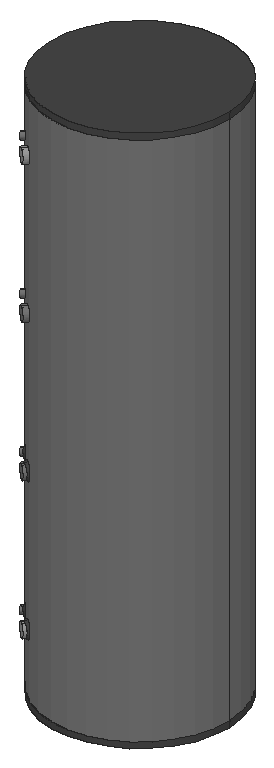
Revit family "EVAN WBI Теплоаккумулятор буферный бак 300-2000 л - 1", category Оборудование, Revit 2019
Family settings
  Размер круглого соединителя = Использовать диаметр
  Классификация = Нет
  Тип детали = Нормальный
  На основе рабочей плоскости = Нет
  Всегда вертикально = Да
  При загрузке вырезать с полостями = Нет
  Общий = Нет
  Точка расчета площади = Нет
Parameters (values of type "Теплоаккумулятор / буферный бак EVAN WBI 300")
  ТЭН [instance] = ТЭН : нет
  Серый = Серый
  Стекло = Стекло
  Пластмасса_черная = Пластмасса_черная
  Пластик_синий = Пластик_синий
  Пластик_красный = Пластик_красный
  Пластик прозрачный = Пластик_прозрачный
  Материал корпуса = "Конструкционная сталь"  # constant formula
  Диаметр2 = D / 2 - 6 mm  # 289 mm
  Диаметр1 = D / 2 - 6 mm  # 289 mm
  Высота 1 = 20 mm
  Объем, л = "300"
  База = "Бойлер косвенного нагрева напольный"
  URL = "https://www.evan.ru/products/boylery_kosvennogo_nagreva/evan-wbt/"
  N4 = 40 mm  # constant formula
  N2 = 16 mm  # constant formula
  H7 = 864 mm
  H5 = 1613 mm
  H4 [instance] = 1148 mm
  H3 = 683 mm
  H [instance] = 1810 mm
  H2 [instance] = 218 mm
  H1 [instance] = 135 mm
  G2int = 24.1 mm
  G2ext = N2 + 6 mm  # 22 mm
  G1int = 30.3 mm
  G1ext = N1 + 6 mm  # 46 mm
  Dкороба = 20 mm
  D = 590 mm
  N3 = 32 mm  # constant formula
  N1 = 40 mm  # constant formula
  D2_colp = G2ext * 1.05  # 23.1 mm
  ADSK_Примечание [instance] = ""
  ADSK_Полная мощность = 0 kW  # constant formula
  ADSK_Позиция [instance] = ""
  ADSK_Номинальная мощность = 0 W
  ADSK_Напряжение = 0 V
  ADSK_Наименование [instance] = "Теплоаккумулятор / буферный бак EVAN WBI 300"
  ADSK_Материал = Конструкционная сталь
  ADSK_Масса_Текст [instance] = ""
  ADSK_Марка [instance] = ""
  ADSK_Коэффициент мощности = 1
  ADSK_Комплект = ""
  ADSK_Количество фаз = 1
  ADSK_Код изделия [instance] = ""
  ADSK_Классификация нагрузок = Прочее
  ADSK_Завод-изготовитель [instance] = "ООО \"ЭВАН\""
  ADSK_Единица измерения [instance] = "шт."  # constant formula
Types (7, lengths in mm): name | Диаметр2 | Диаметр1 | Объем, л | H5 | H4 | H3 | H | H2 | H1 | D | ADSK_Наименование
  Теплоаккумулятор / буферный бак EVAN WBI 300 | 289 | 289 | "300" | 1613 | 1148 | 683 | 1810 | 218 | 135 | 590 | "Теплоаккумулятор / буферный бак EVAN WBI 300"
  Теплоаккумулятор / буферный бак EVAN WBI 400 | 369 | 369 | "400" | 1148 | 848 | 548 | 1370 | 248 | 163 | 750 | "Теплоаккумулятор / буферный бак EVAN WBI 400"
  Теплоаккумулятор / буферный бак EVAN WBI 500 | 369 | 369 | "500" | 1499 | 1082 | 666 | 1720 | 249 | 164 | 750 | "Теплоаккумулятор / буферный бак EVAN WBI 500"
  Теплоаккумулятор / буферный бак EVAN WBI 800 | 469 | 469 | "800" | 1345 | 1045 | 595 | 1623 | 295 | 210 | 950 | "Теплоаккумулятор / буферный бак EVAN WBI 800"
  Теплоаккумулятор / буферный бак EVAN WBI 1000 | 469 | 469 | "1000" | 1696 | 1230 | 763 | 1971 | 297 | 207 | 950 | "Теплоаккумулятор / буферный бак EVAN WBI 1000"
  Теплоаккумулятор / буферный бак EVAN WBI 1500 | 554 | 554 | "1500" | 1953 | 1403 | 853 | 2225 | 303 | 213 | 1120 | "Теплоаккумулятор / буферный бак EVAN WBI 1500"
  Теплоаккумулятор / буферный бак EVAN WBI 2000 | 594 | 594 | "2000" | 1965 | 1415 | 865 | 2242 | 315 | 225 | 1200 | "Теплоаккумулятор / буферный бак EVAN WBI 2000"
Reference planes
  plane 1 "По центру (Вперед/Назад)": y = 0
  plane 2: z = -3
  plane 3 "По центру (Влево/Вправо)": x = 0
  plane 4: z = -3
  plane 5: z = 1787
  plane 6: z = 132
  plane 7: z = 215
  plane 8: z = 680
  plane 9: z = 17
  plane 10: x = -291
  plane 11: y = 295
  plane 12: y = -295
  plane 13: x = -115
  plane 14: x = 115
  plane 15: y = 154
  plane 16: x = -289
  plane 17: x = -311
  plane 18: y = -255.5
  plane 19: y = -297
  plane 20: y = -260.5
  plane 21: x = -301
  plane 22: y = -287
  plane 23: y = -270.5
  plane 24: y = -345
  plane 25: z = 1145
  plane 26: z = 1610
  plane 27: z = 902
  plane 28: z = 1610
  plane 29: z = 215
  plane 30: z = 734
  plane 31: z = 1807
  plane 32: x = 289
  plane 33: through (-1012.249, 1175.267, 1051.556) normal (-0.866, -0.5, 0)
  plane 34: through (981.686, -1200.995, 1051.556) normal (0.6428, 0.766, 0)
  plane 35: through (981.686, 1200.995, 1051.556) normal (-0.6428, 0.766, 0)
  plane 36: through (-763.107, 1321.74, 1051.556) normal (-0.866, -0.5, 0)
  plane 37: through (1167.452, 979.608, 1051.556) normal (-0.6428, 0.766, 0)
  plane 38: through (1167.452, -979.608, 1051.556) normal (0.6428, 0.766, 0)
Forms (mm)
  Extrusion 1, solid, material "Пластмасса_черная" <- "Пластмасса_черная", detail levels medium+fine
    sketch origin (0, 0, -3) x (1, 0, 0) y (0, 1, 0)
      loop
        circle (0, 0) r 295
    from 0 to 20
  Extrusion 2, solid, material "Серый" <- "Серый", detail levels medium+fine
    sketch origin (0, 0, -3) x (1, 0, 0) y (0, 1, 0)
      loop
        circle (0, 0) r 295
    from 20 to 1790
  Extrusion 3, solid, material "Пластик_синий" <- "Пластик_синий", detail levels medium+fine
    sketch origin (0, 0, 0) x (0, 1, 0) y (0, 0, 1)
      loop
        circle (0, 132) r 23
    from -311 to -289
  Extrusion 4, solid, material "Пластмасса_черная" <- "Пластмасса_черная", detail levels medium+fine
    sketch origin (0, 0, 87.5) x (0, 1, 0) y (0, 0, 1)
      loop
        circle (0, 127.5) r 23
    from -311 to -289
  Blend 5, solid, material "Пластмасса_черная" <- "Пластмасса_черная", detail levels medium+fine
    base sketch origin (0, 49.406, -351.545) x (0, 1, 0) y (0, 0, 1)
      loop
        circle (-49.406, 566.545) r 30
    top sketch origin (0, 49.406, -351.545) x (0, 1, 0) y (0, 0, 1)
      loop
        circle (-49.406, 566.545) r 23
    from -289 to -301
  Blend 6, solid, material "Пластмасса_черная" <- "Пластмасса_черная", not visible, detail levels medium+fine
    base sketch origin (0, 0, 0) x (0, 1, 0) y (0, 0, 1)
      loop
        circle (0, 132) r 23
    top sketch origin (0, 0, 0) x (0, 1, 0) y (0, 0, 1)
      loop
        circle (0, 132) r 30
    from -301 to -289
  Extrusion 7, solid, material "Пластмасса_черная" <- "Пластмасса_черная", not visible, detail levels medium+fine
    sketch origin (0, 0, 0) x (1, 0, 0) y (0, 1, 0)
      loop
        circle (192.2, 0) r 4
    from 0 to 20
  Extrusion 8, solid, material "Пластмасса_черная" <- "Пластмасса_черная", not visible, detail levels medium+fine
    sketch origin (0, 0, 0) x (1, 0, 0) y (0, 1, 0)
      loop
        circle (192.2, 0) r 12
    from 0 to 6
  Extrusion 9, solid, material "Пластмасса_черная" <- "Пластмасса_черная", detail levels medium+fine
    sketch origin (-94.291, -1524, 1807) x (-1, 0, 0) y (0, -1, 0)
      loop
        circle (-94.291, -1524) r 295
    from 0 to -20
  Extrusion 10, solid, material "Серый" <- "Серый", detail levels medium+fine
    sketch origin (-1012.249, 1175.267, 1051.556) x (0, 0, 1) y (0.5, -0.866025, 0)
      loop
        circle (-836.556, 1524) r 11
    from -20 to 0
  Extrusion 11, solid, material "Серый" <- "Серый", detail levels medium+fine
    sketch origin (-1012.249, 1175.267, 1051.556) x (0, 0, 1) y (0.5, -0.866025, 0)
      loop
        circle (-371.556, 1524) r 11
    from -20 to 0
  Blend 12, solid, material "Пластмасса_черная" <- "Пластмасса_черная", detail levels medium+fine
    base sketch origin (-1012.249, 1175.267, 1051.556) x (0, 0, 1) y (0.5, -0.866025, 0)
      loop
        circle (-371.556, 1524) r 30
    top sketch origin (-1012.249, 1175.267, 1051.556) x (0, 0, 1) y (0.5, -0.866025, 0)
      loop
        circle (-371.556, 1524) r 11
    from 0 to -12
  Blend 13, solid, material "Пластмасса_черная" <- "Пластмасса_черная", detail levels medium+fine
    base sketch origin (-1012.249, 1175.267, 1051.556) x (0, 0, 1) y (0.5, -0.866025, 0)
      loop
        circle (-836.556, 1524) r 30
    top sketch origin (-1012.249, 1175.267, 1051.556) x (0, 0, 1) y (0.5, -0.866025, 0)
      loop
        circle (-836.556, 1524) r 11
    from 0 to -12
  Extrusion 14, solid, material "Серый" <- "Серый", detail levels medium+fine
    sketch origin (-1012.249, 1175.267, 1051.556) x (0, 0, 1) y (0.5, -0.866025, 0)
      loop
        circle (93.444, 1524) r 11
    from -20 to 0
  Blend 15, solid, material "Пластмасса_черная" <- "Пластмасса_черная", not visible, detail levels medium+fine
    base sketch origin (-1012.249, 1175.267, 1051.556) x (0, 0, 1) y (0.5, -0.866025, 0)
      loop
        circle (93.444, 1524) r 30
    top sketch origin (-1012.249, 1175.267, 1051.556) x (0, 0, 1) y (0.5, -0.866025, 0)
      loop
        circle (93.444, 1524) r 11
    from 0 to -12
  Extrusion 16, solid, material "Серый" <- "Серый", detail levels medium+fine
    sketch origin (-1012.249, 1175.267, 1051.556) x (0, 0, 1) y (0.5, -0.866025, 0)
      loop
        circle (558.444, 1524) r 11
    from -20 to 0
  Blend 17, solid, material "Пластмасса_черная" <- "Пластмасса_черная", not visible, detail levels medium+fine
    base sketch origin (-1012.249, 1175.267, 1051.556) x (0, 0, 1) y (0.5, -0.866025, 0)
      loop
        circle (558.444, 1524) r 30
    top sketch origin (-1012.249, 1175.267, 1051.556) x (0, 0, 1) y (0.5, -0.866025, 0)
      loop
        circle (558.444, 1524) r 11
    from 0 to -12
  Extrusion 18, solid, material "Пластик_синий" <- "Пластик_синий", detail levels medium+fine
    sketch origin (981.686, -1200.995, 1051.556) x (0, 0, 1) y (0.766044, -0.642788, 0)
      loop
        circle (-836.556, -1524) r 23
    from -20 to 0
  Extrusion 19, solid, material "Серый" <- "Серый", detail levels medium+fine
    sketch origin (981.686, -1200.995, 1051.556) x (0, 0, 1) y (0.766044, -0.642788, 0)
      loop
        circle (-371.556, -1524) r 23
    from -20 to 0
  Blend 20, solid, material "Пластмасса_черная" <- "Пластмасса_черная", detail levels medium+fine
    base sketch origin (981.686, -1200.995, 1051.556) x (0, 0, 1) y (0.766044, -0.642788, 0)
      loop
        circle (-371.556, -1524) r 30
    top sketch origin (981.686, -1200.995, 1051.556) x (0, 0, 1) y (0.766044, -0.642788, 0)
      loop
        circle (-371.556, -1524) r 23
    from 0 to -12
  Blend 21, solid, material "Пластмасса_черная" <- "Пластмасса_черная", detail levels medium+fine
    base sketch origin (981.686, -1200.995, 1051.556) x (0, 0, 1) y (0.766044, -0.642788, 0)
      loop
        circle (-836.556, -1524) r 30
    top sketch origin (981.686, -1200.995, 1051.556) x (0, 0, 1) y (0.766044, -0.642788, 0)
      loop
        circle (-836.556, -1524) r 23
    from 0 to -12
  Extrusion 22, solid, material "Серый" <- "Серый", detail levels medium+fine
    sketch origin (981.686, -1200.995, 1051.556) x (0, 0, 1) y (0.766044, -0.642788, 0)
      loop
        circle (93.444, -1524) r 23
    from -20 to 0
  Blend 23, solid, material "Пластмасса_черная" <- "Пластмасса_черная", not visible, detail levels medium+fine
    base sketch origin (981.686, -1200.995, 1051.556) x (0, 0, 1) y (0.766044, -0.642788, 0)
      loop
        circle (93.444, -1524) r 30
    top sketch origin (981.686, -1200.995, 1051.556) x (0, 0, 1) y (0.766044, -0.642788, 0)
      loop
        circle (93.444, -1524) r 23
    from 0 to -12
  Extrusion 24, solid, material "Пластик_красный" <- "Пластик_красный", detail levels medium+fine
    sketch origin (981.686, -1200.995, 1051.556) x (0, 0, 1) y (0.766044, -0.642788, 0)
      loop
        circle (558.444, -1524) r 23
    from -20 to 0
  Blend 25, solid, material "Пластмасса_черная" <- "Пластмасса_черная", not visible, detail levels medium+fine
    base sketch origin (981.686, -1200.995, 1051.556) x (0, 0, 1) y (0.766044, -0.642788, 0)
      loop
        circle (558.444, -1524) r 30
    top sketch origin (981.686, -1200.995, 1051.556) x (0, 0, 1) y (0.766044, -0.642788, 0)
      loop
        circle (558.444, -1524) r 23
    from 0 to -12
  Extrusion 26, solid, material "Пластик_синий" <- "Пластик_синий", detail levels medium+fine
    sketch origin (981.686, 1200.995, 1051.556) x (0, 0, 1) y (-0.766044, -0.642788, 0)
      loop
        circle (-836.556, 1524) r 23
    from -20 to 0
  Extrusion 27, solid, material "Серый" <- "Серый", detail levels medium+fine
    sketch origin (981.686, 1200.995, 1051.556) x (0, 0, 1) y (-0.766044, -0.642788, 0)
      loop
        circle (-371.556, 1524) r 23
    from -20 to 0
  Blend 28, solid, material "Пластмасса_черная" <- "Пластмасса_черная", detail levels medium+fine
    base sketch origin (981.686, 1200.995, 1051.556) x (0, 0, 1) y (-0.766044, -0.642788, 0)
      loop
        circle (-371.556, 1524) r 30
    top sketch origin (981.686, 1200.995, 1051.556) x (0, 0, 1) y (-0.766044, -0.642788, 0)
      loop
        circle (-371.556, 1524) r 23
    from 0 to -12
  Blend 29, solid, material "Пластмасса_черная" <- "Пластмасса_черная", detail levels medium+fine
    base sketch origin (981.686, 1200.995, 1051.556) x (0, 0, 1) y (-0.766044, -0.642788, 0)
      loop
        circle (-836.556, 1524) r 30
    top sketch origin (981.686, 1200.995, 1051.556) x (0, 0, 1) y (-0.766044, -0.642788, 0)
      loop
        circle (-836.556, 1524) r 23
    from 0 to -12
  Extrusion 30, solid, material "Серый" <- "Серый", detail levels medium+fine
    sketch origin (981.686, 1200.995, 1051.556) x (0, 0, 1) y (-0.766044, -0.642788, 0)
      loop
        circle (93.444, 1524) r 23
    from -20 to 0
  Blend 31, solid, material "Пластмасса_черная" <- "Пластмасса_черная", not visible, detail levels medium+fine
    base sketch origin (981.686, 1200.995, 1051.556) x (0, 0, 1) y (-0.766044, -0.642788, 0)
      loop
        circle (93.444, 1524) r 30
    top sketch origin (981.686, 1200.995, 1051.556) x (0, 0, 1) y (-0.766044, -0.642788, 0)
      loop
        circle (93.444, 1524) r 23
    from 0 to -12
  Extrusion 32, solid, material "Пластик_красный" <- "Пластик_красный", detail levels medium+fine
    sketch origin (981.686, 1200.995, 1051.556) x (0, 0, 1) y (-0.766044, -0.642788, 0)
      loop
        circle (558.444, 1524) r 23
    from -20 to 0
  Blend 33, solid, material "Пластмасса_черная" <- "Пластмасса_черная", not visible, detail levels medium+fine
    base sketch origin (981.686, 1200.995, 1051.556) x (0, 0, 1) y (-0.766044, -0.642788, 0)
      loop
        circle (558.444, 1524) r 30
    top sketch origin (981.686, 1200.995, 1051.556) x (0, 0, 1) y (-0.766044, -0.642788, 0)
      loop
        circle (558.444, 1524) r 23
    from 0 to -12
  Extrusion 34, solid, material "Пластик_прозрачный" <- "Пластик прозрачный", detail levels medium+fine
    sketch origin (-289, 1524, 1051.556) x (0, 0, 1) y (0, -1, 0)
      loop
        circle (558.444, 1524) r 25
      loop
        line (638.23, 1471.5) -> (638.23, 1576.5) -> (593.23, 1576.5) -> (593.23, 1471.5) -> (638.23, 1471.5)
      loop
        line (626.777, 1509.168) -> (626.777, 1519.168)
        arc (626.777, 1519.168) -> (622.172, 1523.773) -> (617.567, 1519.168) r 4.605
        arc (617.567, 1519.168) -> (612.172, 1524.563) -> (606.777, 1519.168) r 5.395
        line (606.777, 1519.168) -> (606.777, 1509.168) -> (626.777, 1509.168)
      loop
        line (624.428, 1511.587) -> (624.428, 1518.071)
        arc (624.428, 1518.071) -> (621.573, 1520.926) -> (618.719, 1518.071) r 2.855
        line (618.719, 1518.071) -> (618.719, 1511.587) -> (624.428, 1511.587)
      loop
        line (616.07, 1511.587) -> (616.07, 1517.962)
        arc (616.07, 1517.962) -> (612.664, 1521.368) -> (609.259, 1517.962) r 3.406
        line (609.259, 1517.962) -> (609.259, 1511.587) -> (616.07, 1511.587)
      loop
        line (623.978, 1488.585) -> (622.177, 1490.386)
        arc (622.177, 1490.386) -> (623.897, 1497.728) -> (618.329, 1502.814) r 7.454
        line (618.329, 1502.814) -> (618.329, 1495.587) -> (616.07, 1495.587) -> (616.07, 1502.944)
        arc (616.07, 1502.944) -> (609.733, 1497.959) -> (611.639, 1490.124) r 7.454
        line (611.639, 1490.124) -> (609.838, 1488.323)
        arc (609.838, 1488.323) -> (616.592, 1505.522) -> (623.978, 1488.585) r 10
      loop
        line (606.777, 1525.421) -> (626.777, 1533.098) -> (626.777, 1535.485) -> (606.777, 1543.566) -> (606.777, 1540.784) -> (612.998, 1538.271) -> (612.998, 1530.532) -> (606.777, 1528.145) -> (606.777, 1525.421)
      loop
        line (615.518, 1531.5) -> (622.82, 1534.303) -> (615.518, 1537.253) -> (615.518, 1531.5)
      loop
        line (626.777, 1546.188) -> (626.777, 1548.648) -> (618.719, 1548.648) -> (618.719, 1559.315) -> (626.777, 1559.315) -> (626.777, 1561.816) -> (606.777, 1561.816) -> (606.777, 1559.315) -> (616.143, 1559.315) -> (616.143, 1548.648) -> (606.777, 1548.648) -> (606.777, 1546.188) -> (626.777, 1546.188)
      loop
        line (558.777, 1523.667) -> (572.919, 1537.809) -> (572.253, 1538.475) -> (558.111, 1524.333) -> (558.777, 1523.667)
      loop
        circle (580.056, 1523.977) r 1.034
      loop
        circle (536.832, 1523.977) r 1.034
      loop
        circle (558.421, 1545.612) r 1.034
      loop
        circle (558.421, 1502.388) r 1.034
      loop
        circle (577.149, 1513.175) r 1.034
      loop
        circle (539.716, 1534.786) r 1.034
      loop
        circle (569.23, 1542.728) r 1.034
      loop
        circle (547.619, 1505.295) r 1.034
      loop
        circle (577.149, 1534.825) r 1.034
      loop
        circle (539.716, 1513.214) r 1.034
      loop
        circle (569.23, 1505.272) r 1.034
      loop
        circle (547.619, 1542.705) r 1.034
    from -10 to 0
Lines and regions (mm)
  reference lines
    curve 1: circle (0, 0, -3) r 192.2 normal (0, 0, 1)
    curve 2: circle (0, 0, -3) r 142.2 normal (0, 0, 1)
Dimensions and locks
  "H1": plane 6 to level
  "Высота 1": plane 9 to plane 4
  equal spacing: plane 11, plane 1 "По центру (Вперед/Назад)", plane 12
  "D": plane 11 to plane 12
  equal spacing: plane 13, plane 3 "По центру (Влево/Вправо)", plane 14
  plane 13 to plane 14 = 230 mm
  plane 1 "По центру (Вперед/Назад)" to plane 15 = 154 mm
  locked: plane 10 to plane 16 at 2
  locked: plane 17 to plane 10 at 20
  plane 12 to plane 19 = 2 mm
  equal spacing: plane 17, plane 21, plane 10
  locked: plane 22 to plane 12 at 8
  equal spacing: plane 5, plane 27, plane 9
  "H2": level to plane 7
  "H3": level to plane 8
  "H4": level to plane 25
  "H5": level to plane 26
  "H": level to plane 31
  "H2": level to plane 29
  "H5": plane 28 to level
  "Высота 1": plane 31 to plane 5
  "Диаметр1": plane 3 "По центру (Влево/Вправо)" to plane 32
  "Диаметр2": plane 16 to plane 3 "По центру (Влево/Вправо)"
  Blend 6 sketch curve to plane 6 = 30 mm
  "Диаметр1": plane 37 to plane 35
  "Диаметр1": plane 36 to plane 33
  "Диаметр1": plane 38 to plane 34
  Extrusion 9 to Extrusion 9 = 590 mm
  "D": diameter of Extrusion 1 sketch curve
  "D": diameter of Extrusion 2 sketch curve
  "G1ext": diameter of Extrusion 3 sketch curve
  "G1ext": diameter of Extrusion 4 sketch curve
  "G1ext": diameter of Blend 5 sketch curve
  "G1ext": diameter of Blend 6 sketch curve
  "D": diameter of Extrusion 9 sketch curve
  "G2ext": diameter of Extrusion 10 sketch curve
  "G2ext": diameter of Extrusion 11 sketch curve
  "G2ext": diameter of Blend 12 sketch curve
  "G2ext": diameter of Blend 13 sketch curve
  "G2ext": diameter of Extrusion 14 sketch curve
  "G2ext": diameter of Blend 15 sketch curve
  "G2ext": diameter of Extrusion 16 sketch curve
  "G2ext": diameter of Blend 17 sketch curve
  "G1ext": diameter of Extrusion 18 sketch curve
  "G1ext": diameter of Extrusion 19 sketch curve
  "G1ext": diameter of Blend 20 sketch curve
  "G1ext": diameter of Blend 21 sketch curve
  "G1ext": diameter of Extrusion 22 sketch curve
  "G1ext": diameter of Blend 23 sketch curve
  "G1ext": diameter of Extrusion 24 sketch curve
  "G1ext": diameter of Blend 25 sketch curve
  "G1ext": diameter of Extrusion 26 sketch curve
  "G1ext": diameter of Extrusion 27 sketch curve
  "G1ext": diameter of Blend 28 sketch curve
  "G1ext": diameter of Blend 29 sketch curve
  "G1ext": diameter of Extrusion 30 sketch curve
  "G1ext": diameter of Blend 31 sketch curve
  "G1ext": diameter of Extrusion 32 sketch curve
  "G1ext": diameter of Blend 33 sketch curve
  aligned and locked: Extrusion 1 to plane 4
  aligned and locked: plane 9 to Extrusion 1
  aligned and locked: plane 5 to Extrusion 2
  aligned and locked: Extrusion 2 to plane 9
  aligned and locked: plane 16 to Extrusion 3
  aligned and locked: Extrusion 3 to plane 17
  aligned and locked: plane 6 to Extrusion 3 sketch curve
  aligned and locked: plane 1 "По центру (Вперед/Назад)" to Extrusion 3 sketch curve
  aligned and locked: plane 7 to Extrusion 4 sketch curve
  aligned and locked: plane 1 "По центру (Вперед/Назад)" to Extrusion 4 sketch curve
  aligned and locked: plane 16 to Extrusion 4
  aligned and locked: Extrusion 4 to plane 17
  aligned and locked: plane 1 "По центру (Вперед/Назад)" to Blend 5 sketch curve  (x2)
  aligned and locked: plane 7 to Blend 5 sketch curve  (x2)
  aligned and locked: plane 16 to Blend 5
  aligned and locked: Blend 5 to plane 21
  aligned and locked: plane 6 to Blend 6 sketch curve  (x2)
  aligned and locked: plane 1 "По центру (Вперед/Назад)" to Blend 6 sketch curve  (x2)
  aligned and locked: Blend 6 to plane 16
  aligned and locked: Blend 6 to plane 21
  aligned and locked: Extrusion 10 to plane 33
  aligned and locked: Extrusion 11 to plane 33
  aligned and locked: Blend 13 to plane 33
  aligned and locked: Extrusion 14 to plane 33
  aligned and locked: Blend 15 to plane 33
  aligned and locked: Extrusion 16 to plane 33
  aligned and locked: Blend 17 to plane 33
  aligned and locked: plane 34 to Extrusion 18
  aligned and locked: plane 34 to Extrusion 19
  aligned and locked: plane 34 to Blend 21
  aligned and locked: plane 34 to Extrusion 22
  aligned and locked: plane 34 to Blend 23
  aligned and locked: plane 34 to Extrusion 24
  aligned and locked: plane 34 to Blend 25
  aligned and locked: Extrusion 26 to plane 35
  aligned and locked: Extrusion 27 to plane 35
  aligned and locked: Blend 29 to plane 35
  aligned and locked: Extrusion 30 to plane 35
  aligned and locked: Blend 31 to plane 35
  aligned and locked: Extrusion 32 to plane 35
  aligned and locked: Blend 33 to plane 35
Automatic sketch dimensions
  curve 1 to curve 2 = 0 mm  (x2)
  plane 1 "По центру (Вперед/Назад)" to curve 2 = 0 mm
  curve 2 to plane 3 "По центру (Влево/Вправо)" = 0 mm
  Extrusion 34 sketch curve to Extrusion 34 sketch curve = 0 mm  (x10)
  Extrusion 34 sketch curve to plane 1 "По центру (Вперед/Назад)" = 0 mm
  Extrusion 34 sketch curve to plane 26 = 0 mm
  Extrusion 34 sketch curve to plane 26 = 0.023 mm  (x2)
  Extrusion 34 sketch curve to plane 26 = 0.333 mm
  Extrusion 34 sketch curve to plane 26 = 10.825 mm  (x2)
  Extrusion 34 sketch curve to Extrusion 34 sketch curve = 7.902 mm  (x2)
  Extrusion 34 sketch curve to plane 1 "По центру (Вперед/Назад)" = 0.023 mm  (x2)
  Extrusion 34 sketch curve to Extrusion 34 sketch curve = 2.884 mm  (x3)
  plane 26 to Extrusion 34 sketch curve = 0.333 mm
  plane 26 to Extrusion 34 sketch curve = 10.786 mm  (x2)
  Extrusion 34 sketch curve to Extrusion 34 sketch curve = 3.023 mm
  Extrusion 34 sketch curve to Extrusion 34 sketch curve = 7.919 mm  (x2)
  Extrusion 34 sketch curve to Extrusion 34 sketch curve = 4.23 mm
  Extrusion 34 sketch curve to Extrusion 34 sketch curve = 2.907 mm  (x2)
  plane 26 to Extrusion 34 sketch curve = 34.786 mm
  plane 1 "По центру (Вперед/Назад)" to Extrusion 34 sketch curve = 19.566 mm
  Extrusion 34 sketch curve to Extrusion 34 sketch curve = 29.628 mm
  Extrusion 34 sketch curve to plane 1 "По центру (Вперед/Назад)" = 4.832 mm
  plane 1 "По центру (Вперед/Назад)" to Extrusion 34 sketch curve = 1.421 mm
  Extrusion 34 sketch curve to Extrusion 34 sketch curve = 2.482 mm
  Extrusion 34 sketch curve to Extrusion 34 sketch curve = 3.061 mm
  Extrusion 34 sketch curve to Extrusion 34 sketch curve = 1.801 mm  (x3)
  Extrusion 34 sketch curve to Extrusion 34 sketch curve = 2.913 mm
  Extrusion 34 sketch curve to Extrusion 34 sketch curve = 0.492 mm
  Extrusion 34 sketch curve to Extrusion 34 sketch curve = 6.221 mm
  plane 1 "По центру (Вперед/Назад)" to Extrusion 34 sketch curve = 7.5 mm
  Extrusion 34 sketch curve to Extrusion 34 sketch curve = 2.52 mm
  Extrusion 34 sketch curve to Extrusion 34 sketch curve = 4.431 mm
  Extrusion 34 sketch curve to Extrusion 34 sketch curve = 9.365 mm
  Extrusion 34 sketch curve to Extrusion 34 sketch curve = 0.707 mm
  Extrusion 34 sketch curve to Extrusion 34 sketch curve = 1.552 mm
  Extrusion 34 sketch curve to Extrusion 34 sketch curve = 2.576 mm
  Extrusion 34 sketch curve to Extrusion 34 sketch curve = 2.649 mm
  Extrusion 34 sketch curve to Extrusion 34 sketch curve = 2.855 mm
  Extrusion 34 sketch curve to Extrusion 34 sketch curve = 0.599 mm
  Extrusion 34 sketch curve to plane 1 "По центру (Вперед/Назад)" = 33.614 mm
  Extrusion 34 sketch curve to Extrusion 34 sketch curve = 3.848 mm
  plane 1 "По центру (Вперед/Назад)" to Extrusion 34 sketch curve = 10.303 mm
  Extrusion 34 sketch curve to Extrusion 34 sketch curve = 7.302 mm
  Extrusion 34 sketch curve to plane 1 "По центру (Вперед/Назад)" = 35.415 mm
  Extrusion 34 sketch curve to Extrusion 34 sketch curve = 8.059 mm  (x2)
  Extrusion 34 sketch curve to Extrusion 34 sketch curve = 2.349 mm
  Extrusion 34 sketch curve to Extrusion 34 sketch curve = 3.958 mm
  Extrusion 34 sketch curve to Extrusion 34 sketch curve = 14.252 mm
  Extrusion 34 sketch curve to Extrusion 34 sketch curve = 2.063 mm
  Extrusion 34 sketch curve to Extrusion 34 sketch curve = 16.823 mm
  Extrusion 34 sketch curve to Extrusion 34 sketch curve = 0.064 mm
  Extrusion 34 sketch curve to plane 1 "По центру (Вперед/Назад)" = 21.612 mm
  Extrusion 34 sketch curve to Extrusion 34 sketch curve = 10 mm
  Extrusion 34 sketch curve to Extrusion 34 sketch curve = 2.419 mm  (x2)
  Extrusion 34 sketch curve to plane 1 "По центру (Вперед/Назад)" = 10.825 mm
  Extrusion 34 sketch curve to plane 1 "По центру (Вперед/Назад)" = 10.786 mm
  Extrusion 34 sketch curve to Extrusion 34 sketch curve = 1.206 mm
  Extrusion 34 sketch curve to Extrusion 34 sketch curve = 1.097 mm
  Extrusion 34 sketch curve to plane 1 "По центру (Вперед/Назад)" = 0.333 mm
  plane 1 "По центру (Вперед/Назад)" to Extrusion 34 sketch curve = 0.333 mm
  Extrusion 34 sketch curve to Extrusion 34 sketch curve = 2.724 mm
  Extrusion 34 sketch curve to Extrusion 34 sketch curve = 0.967 mm
  Extrusion 34 sketch curve to Extrusion 34 sketch curve = 1.205 mm
  plane 1 "По центру (Вперед/Назад)" to Extrusion 34 sketch curve = 10.786 mm
  Extrusion 34 sketch curve to Extrusion 34 sketch curve = 2.983 mm
  Extrusion 34 sketch curve to Extrusion 34 sketch curve = 2.388 mm
  Extrusion 34 sketch curve to Extrusion 34 sketch curve = 5.753 mm
  Extrusion 34 sketch curve to Extrusion 34 sketch curve = 1.018 mm
  Extrusion 34 sketch curve to Extrusion 34 sketch curve = 2.782 mm
  Extrusion 34 sketch curve to Extrusion 34 sketch curve = 4.252 mm
  Extrusion 34 sketch curve to Extrusion 34 sketch curve = 2.621 mm
  Extrusion 34 sketch curve to Extrusion 34 sketch curve = 2.46 mm  (x2)
  Extrusion 34 sketch curve to Extrusion 34 sketch curve = 10.667 mm  (x2)
  Extrusion 34 sketch curve to Extrusion 34 sketch curve = 2.502 mm
  Extrusion 34 sketch curve to Extrusion 34 sketch curve = 14.684 mm
  plane 1 "По центру (Вперед/Назад)" to Extrusion 1 sketch curve = 0 mm
  Extrusion 1 sketch curve to plane 3 "По центру (Влево/Вправо)" = 0 mm
  plane 1 "По центру (Вперед/Назад)" to Extrusion 2 sketch curve = 0 mm
  Extrusion 2 sketch curve to plane 3 "По центру (Влево/Вправо)" = 0 mm
  plane 1 "По центру (Вперед/Назад)" to Extrusion 9 sketch curve = 0 mm
  Extrusion 9 sketch curve to plane 3 "По центру (Влево/Вправо)" = 0 mm
  plane 8 to Blend 12 sketch curve = 0 mm  (x2)
  plane 26 to Blend 17 sketch curve = 0 mm  (x2)
  plane 25 to Blend 15 sketch curve = 0 mm  (x2)
  plane 7 to Blend 13 sketch curve = 0 mm  (x2)
  plane 26 to Extrusion 16 sketch curve = 0 mm
  plane 25 to Extrusion 14 sketch curve = 0 mm
  plane 8 to Extrusion 11 sketch curve = 0 mm
  plane 7 to Extrusion 10 sketch curve = 0 mm
  plane 8 to Blend 20 sketch curve = 0 mm  (x2)
  plane 7 to Blend 21 sketch curve = 0 mm  (x2)
  plane 25 to Blend 23 sketch curve = 0 mm  (x2)
  plane 26 to Blend 25 sketch curve = 0 mm  (x2)
  plane 7 to Extrusion 18 sketch curve = 0 mm
  plane 8 to Extrusion 19 sketch curve = 0 mm
  plane 25 to Extrusion 22 sketch curve = 0 mm
  plane 26 to Extrusion 24 sketch curve = 0 mm
  Blend 28 sketch curve to plane 8 = 0 mm  (x2)
  Blend 29 sketch curve to plane 7 = 0 mm  (x2)
  Blend 31 sketch curve to plane 25 = 0 mm  (x2)
  Blend 33 sketch curve to plane 26 = 0 mm  (x2)
  Extrusion 26 sketch curve to plane 7 = 0 mm
  Extrusion 27 sketch curve to plane 8 = 0 mm
  Extrusion 30 sketch curve to plane 25 = 0 mm
  Extrusion 32 sketch curve to plane 26 = 0 mm
  radius of Extrusion 7 sketch curve = 4 mm
  radius of Extrusion 8 sketch curve = 12 mm
  radius of curve 1 = 192.2 mm
  radius of curve 2 = 142.2 mm
  radius of Blend 5 sketch curve = 30 mm
  radius of Extrusion 34 sketch curve = 25 mm
  radius of Extrusion 34 sketch curve = 1.034 mm  (x12)
  radius of Blend 12 sketch curve = 30 mm
  radius of Blend 17 sketch curve = 30 mm
  radius of Blend 15 sketch curve = 30 mm
  radius of Blend 13 sketch curve = 30 mm
  radius of Blend 20 sketch curve = 30 mm
  radius of Blend 21 sketch curve = 30 mm
  radius of Blend 23 sketch curve = 30 mm
  radius of Blend 25 sketch curve = 30 mm
  radius of Blend 28 sketch curve = 30 mm
  radius of Blend 29 sketch curve = 30 mm
  radius of Blend 31 sketch curve = 30 mm
  radius of Blend 33 sketch curve = 30 mm
Nested families
  nested 1: "ТЭН" at (-69.089, 239.448, 1787), ADSK_Комплект <- "ADSK_Код изделия", type <- "ТЭН", type "нет", detail levels coarse
    with ADSK_Комплект ""
Connectors
  piping at (-311, 0, 132), diameter 32, driven by "N3"
    settings: on Extrusion 3, index 3, connector inside diameter 609.6 mm, connector length 0 mm, flow factor 0, pipe flow 0.0 L/s, pressure drop 0.0 Pa, fitting loss kfactor 0, connector angle 0.00°, fixture units 0, engagement length 0 mm, angle of deflection 0.00°, flow configuration 0, flow direction 1, fitting loss method 0, system type 22, joint type 0, gender type 0, connector reference index -1, connector utility 0, adjustable connector no, is connector primary yes, connector description ""
  piping at (-198.621, 236.708, 215), diameter 40, driven by "N1"
    settings: on Extrusion 26, index 5, connector inside diameter 609.6 mm, connector length 0 mm, flow factor 0, pipe flow 0.0 L/s, pressure drop 0.0 Pa, fitting loss kfactor 0, connector angle 0.00°, fixture units 0, engagement length 0 mm, angle of deflection 0.00°, flow configuration 0, flow direction 0, fitting loss method 0, system type 7, joint type 0, gender type 0, connector reference index -1, connector utility 0, adjustable connector no, is connector primary no, connector description ""
  piping at (-198.621, 236.708, 215), diameter 40, driven by "N1"
    settings: on Extrusion 26, index 6, connector inside diameter 609.6 mm, connector length 0 mm, flow factor 0, pipe flow 0.0 L/s, pressure drop 0.0 Pa, fitting loss kfactor 0, connector angle 0.00°, fixture units 0, engagement length 0 mm, angle of deflection 0.00°, flow configuration 0, flow direction 0, fitting loss method 0, system type 8, joint type 0, gender type 0, connector reference index -1, connector utility 0, adjustable connector no, is connector primary no, connector description ""
  piping at (-198.621, 236.708, 680), diameter 40, driven by "N1"
    settings: on Extrusion 27, index 7, connector inside diameter 609.6 mm, connector length 0 mm, flow factor 0, pipe flow 0.0 L/s, pressure drop 0.0 Pa, fitting loss kfactor 0, connector angle 0.00°, fixture units 0, engagement length 0 mm, angle of deflection 0.00°, flow configuration 0, flow direction 0, fitting loss method 0, system type 8, joint type 0, gender type 0, connector reference index -1, connector utility 0, adjustable connector no, is connector primary no, connector description ""
  piping at (-198.621, 236.708, 1145), diameter 40, driven by "N1"
    settings: on Extrusion 30, index 8, connector inside diameter 609.6 mm, connector length 0 mm, flow factor 0, pipe flow 0.0 L/s, pressure drop 0.0 Pa, fitting loss kfactor 0, connector angle 0.00°, fixture units 0, engagement length 0 mm, angle of deflection 0.00°, flow configuration 0, flow direction 0, fitting loss method 0, system type 7, joint type 0, gender type 0, connector reference index -1, connector utility 0, adjustable connector no, is connector primary no, connector description ""
  piping at (-198.621, 236.708, 1610), diameter 40, driven by "N1"
    settings: on Extrusion 32, index 9, connector inside diameter 609.6 mm, connector length 0 mm, flow factor 0, pipe flow 0.0 L/s, pressure drop 0.0 Pa, fitting loss kfactor 0, connector angle 0.00°, fixture units 0, engagement length 0 mm, angle of deflection 0.00°, flow configuration 0, flow direction 0, fitting loss method 0, system type 7, joint type 0, gender type 0, connector reference index -1, connector utility 0, adjustable connector no, is connector primary no, connector description ""
  piping at (-198.621, -236.708, 1610), diameter 40, driven by "N1"
    settings: on Extrusion 24, index 10, connector inside diameter 609.6 mm, connector length 0 mm, flow factor 0, pipe flow 0.0 L/s, pressure drop 0.0 Pa, fitting loss kfactor 0, connector angle 0.00°, fixture units 0, engagement length 0 mm, angle of deflection 0.00°, flow configuration 0, flow direction 0, fitting loss method 0, system type 7, joint type 0, gender type 0, connector reference index -1, connector utility 0, adjustable connector no, is connector primary no, connector description ""
  piping at (-198.621, -236.708, 1145), diameter 40, driven by "N1"
    settings: on Extrusion 22, index 11, connector inside diameter 609.6 mm, connector length 0 mm, flow factor 0, pipe flow 0.0 L/s, pressure drop 0.0 Pa, fitting loss kfactor 0, connector angle 0.00°, fixture units 0, engagement length 0 mm, angle of deflection 0.00°, flow configuration 0, flow direction 0, fitting loss method 0, system type 7, joint type 0, gender type 0, connector reference index -1, connector utility 0, adjustable connector no, is connector primary no, connector description ""
  piping at (-198.621, -236.708, 680), diameter 40, driven by "N1"
    settings: on Extrusion 19, index 15, connector inside diameter 609.6 mm, connector length 0 mm, flow factor 0, pipe flow 0.0 L/s, pressure drop 0.0 Pa, fitting loss kfactor 0, connector angle 0.00°, fixture units 0, engagement length 0 mm, angle of deflection 0.00°, flow configuration 0, flow direction 0, fitting loss method 0, system type 8, joint type 0, gender type 0, connector reference index -1, connector utility 0, adjustable connector no, is connector primary no, connector description ""
  piping at (-198.621, -236.708, 215), diameter 40, driven by "N1"
    settings: on Extrusion 18, index 16, connector inside diameter 609.6 mm, connector length 0 mm, flow factor 0, pipe flow 0.0 L/s, pressure drop 0.0 Pa, fitting loss kfactor 0, connector angle 0.00°, fixture units 0, engagement length 0 mm, angle of deflection 0.00°, flow configuration 0, flow direction 0, fitting loss method 0, system type 8, joint type 0, gender type 0, connector reference index -1, connector utility 0, adjustable connector no, is connector primary no, connector description ""
Definition of nested family "ТЭН"
  Parameters (values of type "нет")
    Default Elevation = 1219.2 mm
    ADSK_Примечание = ""
    ADSK_Позиция = ""
    ADSK_Номинальная мощность = 0 W
    ADSK_Наименование = "Отсутствует"
    ADSK_Масса_Текст = ""
    ADSK_Марка = ""
    ADSK_Комплект [instance] = ""
    ADSK_Код изделия = "Отсутствует"
    ADSK_Завод-изготовитель = ""
    ADSK_Единица измерения = "шт."  # constant formula
  Types (5, lengths in mm): name | ADSK_Номинальная мощность | ADSK_Наименование | ADSK_Код изделия
    ТЭН 3 кВт, 6/4″,220В, L390 | 3000 W | "ТЭН 3 кВт, 6/4″,220В, L390" | "2419991045"
    ТЭН 2 кВт, 6/4″,220В, L390 | 2000 W | "ТЭН 2 кВт, 6/4″,220В, L390" | "2419991067"
    Сухой ТЭН 2,4 кВт, 220B | 2400 W | "Сухой ТЭН 2,4 кВт, 220B" | "6104550263"
    ТЭН 2,4 кВт, 220B | 2400 W | "ТЭН 2,4 кВт, 220B" | "6104550188"
    нет | 0 W | "Отсутствует" | "Отсутствует"
  Reference planes
    plane 1 "По центру (Вперед/Назад)": y = 0
    plane 2: z = 0
    plane 3 "По центру (Влево/Вправо)": x = 0
  Forms (mm)
    Extrusion 1, solid
      sketch origin (0, 0, 0) x (1, 0, 0) y (0, 1, 0)
        loop
          circle (0, 0) r 0.5
      from 0 to 1
  Dimensions and locks
    aligned and locked: level to plane 2
